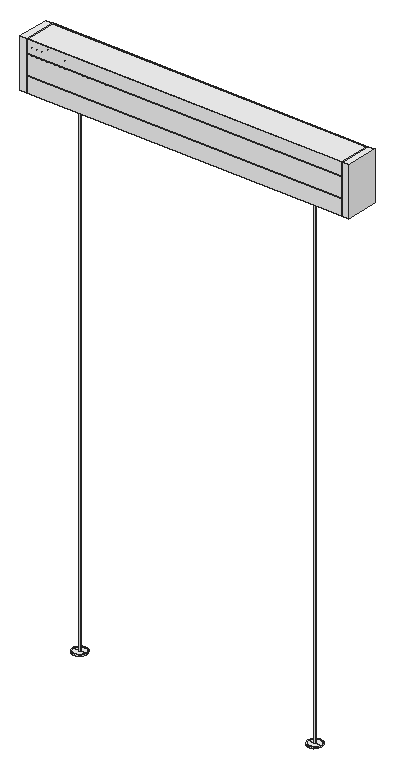
Revit family "2.3 inch  MAGIC WALL WASH LINEAR LIGHT", category Lighting Fixtures, host Face, Revit 2020 (continued)
Types (17): name | Wattage Comments | Wattage | Wall Mount | Suspenders Distance | Surface Mount | Recessed Mount | Photometric Web File | Pendent Mount | Order number | built-in parameter 1150142 | Model | built-in parameter 1150105 | Lumens | Light Source Height | Light Source Distance | built-in parameter 1150106 | Fixture Length
      3.96     \r\n 4.02     4.08     4.14     4.19     4.25     4.31     4.37     4.42     4.48     4.54     \r\n 4.59     4.65     4.70     4.76     4.81     4.86     4.91     4.96     5.01     5.06     \r\n 5.12     5.17     5.22     5.26     5.31     5.36     5.40     5.45     5.49     5.53     \r\n 5.58     5.62     5.67     5.71     5.74     5.78     5.81     5.84     5.87     5.90     \r\n 5.92     5.93     5.94     5.95     5.95     5.95     5.96     5.96     5.96     5.96     \r\n 5.96     5.96     5.96     5.96     5.96     5.96     5.96     5.96     5.95     5.95     \r\n 5.95     5.95     5.95     5.95     5.94     5.93     5.91     5.89     5.87     5.83     \r\n 5.80     5.78     5.76     5.72     5.69     5.65     5.62     5.59     5.57     5.53     \r\n 5.50     5.46     5.43     5.38     5.33     5.30     5.26     5.22     5.19     5.15     \r\n 5.11     5.07     5.04     5.00     4.96     4.92     4.88     4.84     4.80     4.75     \r\n 4.71     4.67     4.63     4.59     4.54     4.51     4.47     4.42     4.38     4.32     \r\n 4.26     \r\n1793.11  1778.52  1763.92  1748.14  1732.32  1716.69  1701.07  1685.15  1669.19  1653.17  \r\n 1637.13  1619.95  1602.57  1584.54  1566.37  1547.64  1528.76  1509.59  1490.33  1470.35  \r\n 1450.09  1430.45  1411.10  1390.87  1370.18  1349.52  1328.86  1308.44  1288.19  1268.30  \r\n 1248.70  1228.99  1209.20  1190.59  1173.20  1155.01  1135.91  1117.71  1100.69  1084.00  \r\n 1067.82  1051.84  1036.24  1020.96  1006.34  991.81   977.47   963.18   949.03   935.10   \r\n 922.00   909.02   896.51   884.05   871.88   859.73   847.75   835.83   824.73   813.61   \r\n 802.35   791.12   780.64   770.18   759.84   749.51   739.59   729.73   719.97   710.23   \r\n 700.64   691.11   681.76   672.48   663.33   654.23   645.05   635.83   627.08   618.63   \r\n 610.05   601.38   592.86   584.51   576.24   568.08   559.80   551.33   543.05   535.14   \r\n 527.25   519.44   511.64   503.88   496.14   488.50   480.87   473.38   465.90   458.50   \r\n 451.12   443.49   435.84   429.07   422.44   415.33   408.10   401.00   393.94   387.02   \r\n 380.19   373.36   366.53   359.74   353.00   345.94   339.05   332.13   325.09   318.08   \r\n 311.19   304.32   297.57   290.83   283.76   276.66   269.69   262.82   256.19   249.71   \r\n 243.31   236.99   230.68   224.38   218.12   212.02   205.94   199.89   193.88   187.96   \r\n 182.11   176.33   170.62   164.94   159.21   153.50   147.82   141.82   135.67   129.73   \r\n 123.86   118.22   112.63   107.11   101.67   96.34    91.20    86.13    81.16    76.26    \r\n 71.42    66.20    60.87    55.62    50.50    45.48    40.53    35.66    30.89    26.43    \r\n 22.38    18.47    14.71    11.06    7.52     5.13     4.99     4.88     4.79     4.71     \r\n 4.64     4.70     4.77     4.83     4.89     4.95     5.01     5.06     5.11     5.16     \r\n 5.20     5.24     5.24     5.22     5.20     5.18     5.16     5.14     5.12     5.10     \r\n 5.08     5.05     5.01     4.98     4.94     4.90     4.87     4.82     4.78     4.74     \r\n 4.69     4.65     4.61     4.57     4.49     4.38     4.27     4.17     4.07     3.97     \r\n 3.88     3.80     3.73     3.67     3.61     3.54     3.48     3.43     3.38     3.34     \r\n 3.31     3.28     3.26     3.26     3.27     3.29     3.33     3.37     3.39     3.41     \r\n 3.44     3.46     3.52     3.58     3.62     3.64     3.68     3.74     3.80     3.87     \r\n 3.93     3.99     4.05     4.11     4.16     4.22     4.28     4.34     4.40     4.46     \r\n 4.52     4.58     4.63     4.69     4.74     4.80     4.86     4.91     4.97     5.02     \r\n 5.08     5.13     5.19     5.24     5.30     5.35     5.40     5.45     5.50     5.55     \r\n 5.61     5.66     5.71     5.75     5.79     5.83     5.87     5.90     5.93     5.95     \r\n 5.98     5.99     6.00     6.01     6.01     6.02     6.02     6.03     6.03     6.03     \r\n 6.03     6.03     6.03     6.03     6.03     6.02     6.02     6.02     6.01     6.01     \r\n 6.01     6.00     6.00     6.00     5.99     5.97     5.95     5.93     5.90     5.86     \r\n 5.83     5.81     5.78     5.74     5.70     5.67     5.64     5.61     5.58     5.55     \r\n 5.51     5.48     5.44     5.40     5.36     5.32     5.28     5.24     5.21     5.17     \r\n 5.13     5.09     5.05     5.01     4.97     4.93     4.88     4.84     4.80     4.76     \r\n 4.71     4.67     4.63     4.59     4.55     4.51     4.47     4.42     4.38     4.32     \r\n 4.26     \r\n1793.11  1778.53  1763.96  1748.26  1732.49  1716.88  1701.31  1685.46  1669.54  1653.55  \r\n 1637.54  1620.68  1603.37  1585.64  1567.60  1549.21  1530.46  1511.56  1492.46  1473.00  \r\n 1452.91  1433.06  1413.81  1394.29  1373.84  1353.40  1332.98  1312.59  1292.62  1272.67  \r\n 1253.31  1233.98  1214.51  1195.05  1177.48  1160.27  1141.98  1123.40  1106.07  1089.32  \r\n 1073.07  1057.15  1041.59  1026.36  1011.51  997.14   982.85   968.71   954.66   940.82   \r\n 927.20   914.45   901.78   889.52   877.28   865.35   853.44   841.73   830.06   818.94   \r\n 807.92   797.06   786.29   775.83   765.54   755.32   745.18   735.28   725.68   716.08   \r\n 706.48   696.99   687.79   678.63   669.54   660.47   651.72   642.98   633.97   624.94   \r\n 616.52   608.25   599.89   591.52   583.28   575.13   567.08   559.15   551.13   542.94   \r\n 534.84   527.20   519.56   511.42   503.31   495.16   487.02   478.97   470.98   463.09   \r\n 455.27   447.53   439.88   432.19   424.33   416.55   409.57   402.59   395.21   387.80   \r\n 380.51   373.30   366.20   359.19   352.20   345.20   338.22   331.38   324.58   317.94   \r\n 311.36   304.77   298.19   291.64   285.11   278.60   272.28   266.02   259.67   253.29   \r\n 247.06   241.22   235.20   228.36   221.53   214.76   208.04   201.39   194.89   188.45   \r\n 182.08   175.80   169.60   163.47   157.40   151.42   145.59   139.82   134.14   128.53   \r\n 123.00   117.51   111.45   105.47   99.67    93.98    88.35    82.79    77.30    71.88    \r\n 66.55    61.33    56.20    51.15    46.59    42.07    37.62    33.23    28.91    24.65    \r\n 20.45    16.30    12.17    10.89    9.87     8.91     8.00     7.12     6.28     5.45     \r\n 4.64     4.68     4.72     4.76     4.80     4.84     4.88     4.92     4.95     4.99     \r\n 5.02     5.05     5.08     5.10     5.12     5.13     5.15     5.17     5.15     5.14     \r\n 5.13     5.12     5.10     5.09     5.08     5.06     5.05     5.04     5.02     5.01     \r\n 4.97     4.93     4.89     4.84     4.80     4.75     4.70     4.66     4.61     4.55     \r\n 4.48     4.41     4.32     4.23     4.15     4.05     3.96     3.85     3.75     3.72     \r\n 3.70     3.70     3.69     3.70     3.70     3.70     3.71     3.71     3.73     3.75     \r\n 3.77     3.78     3.80     3.81     3.83     3.86     3.90     3.93     3.96     4.00     \r\n 4.04     4.08     4.12     4.16     4.21     4.26     4.31     4.36     4.41     4.46     \r\n 4.52     4.57     4.62     4.68     4.74     4.80     4.86     4.92     4.99     5.05     \r\n 5.11     5.17     5.24     5.29     5.35     5.41     5.46     5.52     5.58     5.64     \r\n 5.70     5.75     5.80     5.84     5.89     5.93     5.96     5.99     6.01     6.04     \r\n 6.05     6.06     6.07     6.08     6.09     6.09     6.10     6.10     6.10     6.10     \r\n 6.10     6.10     6.09     6.09     6.09     6.08     6.08     6.07     6.07     6.07     \r\n 6.06     6.06     6.06     6.05     6.03     6.01     5.99     5.96     5.91     5.88     \r\n 5.85     5.82     5.78     5.75     5.71     5.68     5.65     5.63     5.59     5.56     \r\n 5.52     5.49     5.45     5.40     5.37     5.34     5.30     5.26     5.22     5.18     \r\n 5.14     5.09     5.05     5.01     4.97     4.93     4.89     4.84     4.80     4.76     \r\n 4.71     4.67     4.63     4.59     4.55     4.51     4.47     4.42     4.38     4.32     \r\n 4.26     \r\n1793.11  1778.66  1764.21  1748.74  1733.13  1717.67  1702.25  1686.63  1670.86  1655.04  \r\n 1639.18  1622.86  1605.76  1588.50  1570.73  1552.92  1534.44  1515.97  1497.18  1478.40  \r\n 1458.79  1439.03  1419.81  1400.81  1381.19  1361.14  1341.11  1321.08  1301.21  1281.70  \r\n 1262.30  1243.37  1224.46  1205.45  1186.49  1169.37  1152.49  1134.79  1116.87  1099.91  \r\n 1083.55  1067.58  1052.07  1036.80  1022.06  1007.46  993.45   979.46   965.64   951.84   \r\n 938.37   924.99   912.38   900.12   888.07   876.18   864.43   852.87   841.39   830.10   \r\n 818.87   808.05   797.23   786.93   776.74   766.68   756.65   746.72   736.88   727.25   \r\n 718.00   708.76   699.42   690.08   681.31   672.59   663.82   654.28   644.86   635.66   \r\n 626.35   616.80   607.39   598.59   589.82   581.02   572.24   563.59   555.01   546.55   \r\n 538.25   529.93   521.45   513.00   505.02   497.09   489.29   481.58   473.83   465.97   \r\n 458.17   450.61   443.09   435.67   428.28   420.95   413.67   406.41   399.23   392.10   \r\n 385.26   378.50   371.67   364.75   357.88   351.23   344.62   338.07   331.55   324.77   \r\n 317.26   309.80   302.49   295.26   288.08   281.00   273.97   267.01   260.11   253.28   \r\n 246.45   239.68   233.02   226.49   220.01   213.56   207.17   200.84   194.69   188.59   \r\n 182.54   176.51   170.53   164.09   157.64   151.25   144.93   138.62   132.39   126.24   \r\n 120.21   114.27   108.39   102.58   96.84    91.17    85.57    80.05    74.78    69.87    \r\n 65.01    60.21    55.45    50.76    46.13    41.55    37.02    32.54    28.11    23.72    \r\n 20.59    18.85    17.16    15.50    13.88    12.29    10.72    9.17     7.63     6.11     \r\n 4.59     4.62     4.65     4.68     4.71     4.74     4.76     4.79     4.82     4.85     \r\n 4.87     4.90     4.91     4.93     4.95     4.96     4.98     5.00     5.01     5.03     \r\n 5.04     5.05     5.07     5.07     5.06     5.05     5.04     5.03     5.02     5.02     \r\n 5.01     5.01     5.01     5.00     5.00     5.00     5.00     4.99     4.97     4.90     \r\n 4.82     4.75     4.68     4.62     4.56     4.50     4.44     4.39     4.34     4.30     \r\n 4.26     4.22     4.18     4.15     4.11     4.09     4.06     4.03     4.00     3.98     \r\n 3.96     3.94     3.95     3.96     3.98     4.00     4.03     4.05     4.07     4.10     \r\n 4.13     4.16     4.20     4.23     4.27     4.31     4.35     4.39     4.43     4.48     \r\n 4.53     4.57     4.62     4.67     4.73     4.78     4.84     4.90     4.96     5.03     \r\n 5.09     5.15     5.21     5.28     5.35     5.42     5.50     5.57     5.64     5.71     \r\n 5.78     5.84     5.90     5.96     6.01     6.04     6.07     6.09     6.11     6.12     \r\n 6.13     6.15     6.16     6.17     6.17     6.18     6.18     6.18     6.18     6.17     \r\n 6.17     6.16     6.16     6.15     6.15     6.14     6.13     6.13     6.13     6.12     \r\n 6.12     6.11     6.10     6.09     6.06     6.04     6.00     5.95     5.92     5.89     \r\n 5.85     5.82     5.78     5.75     5.72     5.69     5.66     5.63     5.59     5.56     \r\n 5.53     5.49     5.45     5.41     5.38     5.34     5.31     5.26     5.22     5.18     \r\n 5.14     5.09     5.05     5.01     4.97     4.92     4.88     4.84     4.80     4.75     \r\n 4.71     4.67     4.62     4.58     4.54     4.50     4.46     4.42     4.37     4.32     \r\n 4.26     \r\n1793.11  1778.90  1764.69  1749.58  1734.25  1719.04  1703.90  1688.64  1673.14  1657.62  \r\n 1642.03  1626.43  1609.70  1592.94  1575.72  1558.38  1540.65  1522.60  1504.46  1486.12  \r\n 1467.68  1448.39  1429.12  1410.46  1391.86  1372.62  1353.13  1333.66  1314.19  1294.87  \r\n 1275.96  1257.12  1238.75  1220.42  1202.06  1183.73  1166.53  1150.13  1133.44  1116.30  \r\n 1099.40  1083.57  1067.78  1052.70  1037.75  1023.33  1009.23  995.38   981.87   968.41   \r\n 955.04   941.69   928.80   915.99   903.92   892.26   880.71   869.30   857.95   846.88   \r\n 835.83   825.02   814.27   803.68   793.18   782.68   771.97   761.29   750.51   739.77   \r\n 729.22   718.78   708.61   698.77   688.96   679.11   669.31   659.95   650.71   641.44   \r\n 632.11   622.88   614.04   605.23   596.29   587.36   578.68   570.31   561.98   553.63   \r\n 545.31   537.10   528.95   520.90   513.08   505.31   497.40   489.49   481.78   474.34   \r\n 466.93   459.70   452.53   445.25   437.83   430.44   423.43   416.50   409.17   401.24   \r\n 393.34   385.47   377.66   369.93   362.33   354.76   347.22   339.71   332.22   324.86   \r\n 317.57   310.36   303.30   296.29   289.34   282.45   275.61   268.81   262.07   255.38   \r\n 248.80   242.29   235.83   229.44   223.11   216.21   209.26   202.42   195.62   188.89   \r\n 182.21   175.59   169.04   162.57   156.16   149.82   143.54   137.34   131.19   125.11   \r\n 119.11   113.20   107.35   101.73   96.40    91.10    85.86    80.68    75.56    70.49    \r\n 65.50    60.56    55.66    50.80    45.99    41.22    36.48    31.78    29.36    27.17    \r\n 25.01    22.88    20.77    18.69    16.63    14.59    12.56    10.55    8.54     6.54     \r\n 4.55     4.57     4.59     4.62     4.64     4.66     4.69     4.71     4.73     4.75     \r\n 4.78     4.80     4.82     4.84     4.85     4.87     4.88     4.89     4.90     4.91     \r\n 4.92     4.93     4.94     4.96     4.97     4.98     5.00     5.01     5.01     5.01     \r\n 5.00     4.99     4.97     4.96     4.94     4.93     4.92     4.91     4.90     4.89     \r\n 4.88     4.87     4.85     4.84     4.83     4.81     4.78     4.73     4.68     4.62     \r\n 4.57     4.52     4.48     4.43     4.39     4.36     4.33     4.31     4.29     4.27     \r\n 4.25     4.23     4.22     4.21     4.20     4.20     4.20     4.20     4.20     4.20     \r\n 4.20     4.21     4.22     4.25     4.28     4.32     4.35     4.39     4.43     4.47     \r\n 4.52     4.56     4.61     4.66     4.72     4.77     4.83     4.88     4.94     5.00     \r\n 5.06     5.13     5.20     5.26     5.33     5.39     5.46     5.52     5.59     5.65     \r\n 5.71     5.76     5.82     5.87     5.92     5.96     6.00     6.03     6.07     6.10     \r\n 6.14     6.17     6.19     6.22     6.24     6.26     6.26     6.25     6.24     6.24     \r\n 6.23     6.22     6.22     6.21     6.20     6.20     6.19     6.19     6.18     6.18     \r\n 6.16     6.15     6.13     6.10     6.06     6.02     5.98     5.94     5.91     5.87     \r\n 5.84     5.81     5.77     5.74     5.72     5.69     5.65     5.62     5.59     5.55     \r\n 5.52     5.48     5.45     5.42     5.38     5.34     5.30     5.26     5.22     5.17     \r\n 5.13     5.09     5.04     5.00     4.96     4.92     4.87     4.83     4.79     4.74     \r\n 4.70     4.66     4.62     4.58     4.54     4.50     4.46     4.42     4.37     4.32     \r\n 4.26     \r\n1793.11  1779.24  1765.38  1750.77  1735.84  1720.98  1706.24  1691.48  1676.39  1661.27  \r\n 1646.10  1630.89  1615.18  1598.88  1582.52  1565.70  1548.91  1531.54  1514.06  1496.45  \r\n 1478.71  1460.81  1442.16  1423.53  1405.40  1387.35  1368.88  1350.10  1331.35  1312.59  \r\n 1293.86  1275.63  1257.52  1239.68  1222.06  1204.47  1186.90  1169.39  1153.38  1137.59  \r\n 1121.56  1105.39  1089.48  1074.34  1059.23  1044.78  1030.50  1016.65  1003.29  990.03   \r\n 977.12   964.26   951.45   938.67   926.12   913.97   901.87   889.89   877.44   865.09   \r\n 852.83   840.69   828.82   817.01   805.47   794.06   782.79   771.75   760.79   750.45   \r\n 740.21   729.97   719.76   709.61   699.75   689.95   680.41   671.07   661.78   652.55   \r\n 643.39   634.46   625.72   617.02   608.16   599.33   590.76   582.42   574.12   565.83   \r\n 557.61   549.56   541.73   533.94   526.15   518.40   510.70   503.08   495.50   487.15   \r\n 478.72   470.33   461.89   453.49   445.19   437.09   429.01   421.04   413.26   405.53   \r\n 397.74   389.92   382.16   374.68   367.35   360.08   352.73   345.39   338.09   330.93   \r\n 323.85   316.84   309.75   302.65   295.58   288.54   281.52   274.43   266.83   259.53   \r\n 252.27   245.08   238.01   230.99   224.04   217.08   210.09   203.12   196.18   189.43   \r\n 182.77   176.17   169.63   163.17   156.77   150.43   144.15   137.92   131.81   126.05   \r\n 120.35   114.70   109.11   103.58   98.09    92.65    87.26    81.93    76.64    71.40    \r\n 66.20    61.04    55.92    5
